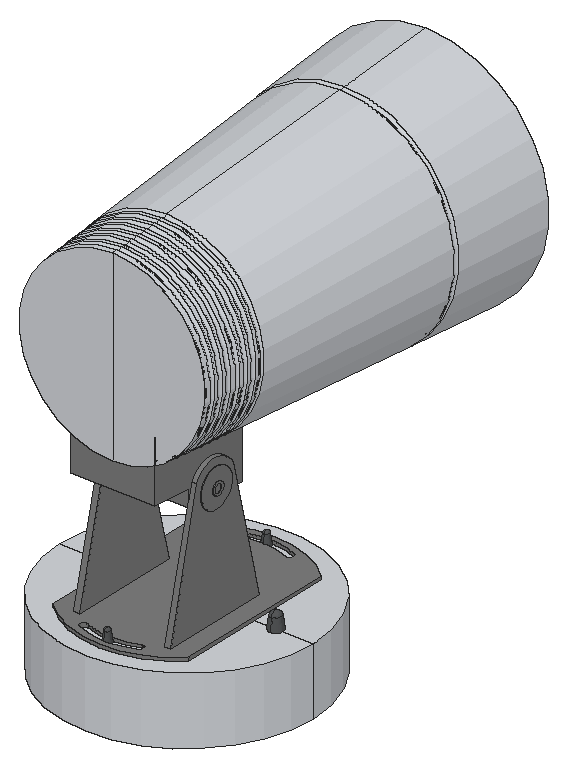
Revit family "REFLECTOR LANDSCAPE 02_RM40W.1.38", category Luminarias, Revit 2019
Family settings
  Cota de conector redondo = Diámetro de uso
  Tipo de pieza = Normal
  Se basa en plano de trabajo = Sí
  Siempre vertical = No
  Corte con vacíos al cargar = No
  Origen de luz = Sí
  Compartido = No
  Punto de cálculo de habitación = No
Parameters (values of type "RM40W.1.38")
  Ángulo de inclinación = 38.00°
  Zone [instance] = ""
  Watt per fixture = 44.8
  Wattage = 44.8 W
  built-in parameter 1150107 = 3000 (stored number, unit not read)
  built-in parameter 1150110 = 1 (stored number, unit not read)
  built-in parameter 1150109 = 1 (stored number, unit not read)
  built-in parameter 1150112 = 1 (stored number, unit not read)
  built-in parameter 1150113 = 1 (stored number, unit not read)
  built-in parameter 1114218 = 1 (stored number, unit not read)
  Keynote = ""
  built-in parameter 1150137 = (empty or 0)
  built-in parameter 1150132 = (empty or 0)
  Modelo = "RM40W.1.38"
  Lámpara = "NICHIA"
  built-in parameter 1150105 = 234.65 (stored number, unit not read)
  built-in parameter 1150102 = (empty or 0)
  built-in parameter 1150106 = 2.3465 (stored number, unit not read)
  Lumens = 2948.74 lm
  Color Filter = 16777215
  built-in parameter 1114217 = 1 (stored number, unit not read)
  built-in parameter 1150139 = (empty or 0)
  Fabricante = "BRILLANT"
  Default Elevation = 0 mm
  built-in parameter 1150104 = 6.1149 (stored number, unit not read)
  Descripción = "LUMINARIA TIPO REFLECTOR MONOCROMATICO DIRIGIBLE, CUERPO EN ALUMINIO FUNDIDO A PRESION CUBIERTO DE POLVO GRIS OSCURO Y VIDRIO TEMPLADO DE 3MM, CON UN PESO DE 5KG, CON 232MM DE LARGO POR 265MM DE ALTURA POR 110MM DE DIAMETRO, CUENTA CON 1 LED TIPO NICHIA CON UN CONSUMO DE 44.8W, 2949 LUMENES, IP 66, IRC 80, IK06, CABLE H05RN DE 0.5M, APERTURA DE 38 GRADOS POR PROYECTO, ALIMENTADA A 100-277V. ACCESORIOS OPCIONALES."
  built-in parameter 1150115 = 1 (stored number, unit not read)
  built-in parameter 1150114 = 1 (stored number, unit not read)
  Comentarios de vataje = "100-277V"
  built-in parameter 1150138 = (empty or 0)
  built-in parameter 1150134 = (empty or 0)
  Circuit [instance] = ""
  Dimming Lamp Color Temperature Shift = 1
  Archivo de red fotométrica = "RM40W.1_38º.ies"
  built-in parameter 1150133 = 10 (stored number, unit not read)
Reference planes
  plane 1 "Centro (Frontal/Posterior)": y = 0
  plane 2: z = 0
  plane 3 "Centro (Izquierda/Derecha)": x = 0
  plane 4: z = 265
Forms (mm)
  Revolve 1, solid, not visible
    sketch origin (-170.518, 44.498, 38.393) x (-1, 0, 0) y (0, 0, -1)
      loop
        line (92.846, -301.911) -> (92.846, -298.113) -> (82.028, -298.113)
        arc (82.028, -298.113) -> (87.129, -300.888) -> (92.846, -301.911) r 18.17
      axis (92.846, -298.113) -> (92.846, -301.911)
    angle from 0 to 360
  Extrusion 2, solid, material "Aluminio", not visible
    sketch origin (0, 0, 0) x (0, 1, 0) y (0, 0, 1)
      loop
        line (104, 336.506) -> (-104, 336.506) -> (-104, 228.571) -> (-94, 228.571)
        arc (-94, 228.571) -> (0, 201.039) -> (94, 228.571) r 174.234
        line (94, 228.571) -> (104, 228.571) -> (104, 336.506)
    from -339.373 to 342.161
  Extrusion 3, solid, material "Aluminio", not visible
    sketch origin (0, 0, 0) x (1, 0, 0) y (0, 1, 0)
      loop
        arc (-299.373, 104) -> (-315.725, 100.505) -> (-329.219, 90.632) r 40
        arc (-329.219, 90.632) -> (-323.254, 83.056) -> (-331.965, 87.19) r 4.952
        arc (-331.965, 87.19) -> (-337.476, 76.172) -> (-339.373, 64) r 40
        line (-339.373, 64) -> (-339.373, 1.506)
        arc (-339.373, 1.506) -> (-329.699, 0.016) -> (-339.373, -1.475) r 4.952
        line (-339.373, -1.475) -> (-339.373, -64)
        arc (-339.373, -64) -> (-337.476, -76.172) -> (-331.965, -87.19) r 40
        arc (-331.965, -87.19) -> (-323.254, -83.056) -> (-329.219, -90.632) r 4.952
        arc (-329.219, -90.632) -> (-315.725, -100.505) -> (-299.373, -104) r 40
        line (-299.373, -104) -> (-226.105, -104)
        arc (-226.105, -104) -> (-224.373, -94.409) -> (-222.642, -104) r 4.952
        line (-222.642, -104) -> (-77.408, -104)
        arc (-77.408, -104) -> (-75, -94.721) -> (-72.592, -104) r 4.952
        line (-72.592, -104) -> (-2.408, -104)
        arc (-2.408, -104) -> (0, -94.721) -> (2.408, -104) r 4.952
        line (2.408, -104) -> (72.592, -104)
        arc (72.592, -104) -> (75, -94.721) -> (77.408, -104) r 4.952
        line (77.408, -104) -> (177.592, -104)
        arc (177.592, -104) -> (180, -94.721) -> (182.408, -104) r 4.952
        line (182.408, -104) -> (302.161, -104)
        arc (302.161, -104) -> (318.513, -100.505) -> (332.007, -90.632) r 40
        arc (332.007, -90.632) -> (326.043, -83.056) -> (334.754, -87.19) r 4.952
        arc (334.754, -87.19) -> (340.265, -76.172) -> (342.161, -64) r 40
        line (342.161, -64) -> (342.161, -1.475)
        arc (342.161, -1.475) -> (332.487, 0.016) -> (342.161, 1.506) r 4.952
        line (342.161, 1.506) -> (342.161, 64)
        arc (342.161, 64) -> (340.265, 76.172) -> (334.754, 87.19) r 40
        arc (334.754, 87.19) -> (326.043, 83.056) -> (332.007, 90.632) r 4.952
        arc (332.007, 90.632) -> (318.513, 100.505) -> (302.161, 104) r 40
        line (302.161, 104) -> (182.408, 104)
        arc (182.408, 104) -> (180, 94.721) -> (177.592, 104) r 4.952
        line (177.592, 104) -> (77.408, 104)
        arc (77.408, 104) -> (75, 94.721) -> (72.592, 104) r 4.952
        line (72.592, 104) -> (2.408, 104)
        arc (2.408, 104) -> (0, 94.721) -> (-2.408, 104) r 4.952
        line (-2.408, 104) -> (-72.592, 104)
        arc (-72.592, 104) -> (-75, 94.721) -> (-77.408, 104) r 4.952
        line (-77.408, 104) -> (-221.965, 104)
        arc (-221.965, 104) -> (-224.373, 94.721) -> (-226.781, 104) r 4.952
        line (-226.781, 104) -> (-299.373, 104)
      loop
        arc (-299.373, 79) -> (-309.98, 74.607) -> (-314.373, 64) r 15
        line (-314.373, 64) -> (-314.373, -64)
        arc (-314.373, -64) -> (-309.98, -74.607) -> (-299.373, -79) r 15
        line (-299.373, -79) -> (302.161, -79)
        arc (302.161, -79) -> (312.768, -74.607) -> (317.161, -64) r 15
        line (317.161, -64) -> (317.161, 64)
        arc (317.161, 64) -> (312.768, 74.607) -> (302.161, 79) r 15
        line (302.161, 79) -> (-299.373, 79)
    from 336.506 to 345
  Extrusion 4, void, not visible
    sketch origin (0, 0, 0) x (1, 0, 0) y (0, 1, 0)
      loop
        arc (-339.373, 64) -> (-327.658, 92.284) -> (-299.373, 104) r 40
        line (-299.373, 104) -> (-339.373, 104) -> (-339.373, 64)
      loop
        line (-339.373, -64) -> (-339.373, -104) -> (-299.373, -104)
        arc (-299.373, -104) -> (-327.658, -92.284) -> (-339.373, -64) r 40
      loop
        line (342.161, 64) -> (342.161, 104) -> (302.161, 104)
        arc (302.161, 104) -> (330.446, 92.284) -> (342.161, 64) r 40
      loop
        arc (342.161, -64) -> (330.446, -92.284) -> (302.161, -104) r 40
        line (302.161, -104) -> (342.161, -104) -> (342.161, -64)
    from 176.462 to 336.506
  Extrusion 5, void, not visible
    sketch origin (0, 0, 0) x (1, 0, 0) y (0, 0, 1)
      loop
        line (-339.373, 184.64) -> (-274.373, 184.64) -> (-274.373, 259.64) -> (-339.373, 259.64) -> (-339.373, 184.64)
    from -104 to 104
  Extrusion 6, solid, material "Cristal", not visible
    sketch origin (0, 0, 0) x (1, 0, 0) y (0, 1, 0)
      loop
        arc (-299.373, 79) -> (-309.98, 74.607) -> (-314.373, 64) r 15
        line (-314.373, 64) -> (-314.373, -64)
        arc (-314.373, -64) -> (-309.98, -74.607) -> (-299.373, -79) r 15
        line (-299.373, -79) -> (302.161, -79)
        arc (302.161, -79) -> (312.768, -74.607) -> (317.161, -64) r 15
        line (317.161, -64) -> (317.161, 64)
        arc (317.161, 64) -> (312.768, 74.607) -> (302.161, 79) r 15
        line (302.161, 79) -> (-299.373, 79)
    from 342.509 to 345
  Revolve 7, solid, not visible
    sketch origin (356.21, 44.498, 38.393) x (-1, 0, 0) y (0, 0, -1)
      loop
        line (92.846, -301.911) -> (92.846, -298.113) -> (82.028, -298.113)
        arc (82.028, -298.113) -> (87.129, -300.888) -> (92.846, -301.911) r 18.17
      axis (92.846, -298.113) -> (92.846, -301.911)
    angle from 0 to 360
  Revolve 8, solid, not visible
    sketch origin (-104.677, 44.498, 38.393) x (-1, 0, 0) y (0, 0, -1)
      loop
        line (92.846, -301.911) -> (92.846, -298.113) -> (82.028, -298.113)
        arc (82.028, -298.113) -> (87.129, -300.888) -> (92.846, -301.911) r 18.17
      axis (92.846, -298.113) -> (92.846, -301.911)
    angle from 0 to 360
  Revolve 9, solid, not visible
    sketch origin (-38.836, 44.498, 38.393) x (-1, 0, 0) y (0, 0, -1)
      loop
        line (92.846, -301.911) -> (92.846, -298.113) -> (82.028, -298.113)
        arc (82.028, -298.113) -> (87.129, -300.888) -> (92.846, -301.911) r 18.17
      axis (92.846, -298.113) -> (92.846, -301.911)
    angle from 0 to 360
  Revolve 10, solid, not visible
    sketch origin (27.005, 44.498, 38.393) x (-1, 0, 0) y (0, 0, -1)
      loop
        line (92.846, -301.911) -> (92.846, -298.113) -> (82.028, -298.113)
        arc (82.028, -298.113) -> (87.129, -300.888) -> (92.846, -301.911) r 18.17
      axis (92.846, -298.113) -> (92.846, -301.911)
    angle from 0 to 360
  Revolve 11, solid, not visible
    sketch origin (92.846, 44.498, 38.393) x (-1, 0, 0) y (0, 0, -1)
      loop
        line (92.846, -301.911) -> (92.846, -298.113) -> (82.028, -298.113)
        arc (82.028, -298.113) -> (87.129, -300.888) -> (92.846, -301.911) r 18.17
      axis (92.846, -298.113) -> (92.846, -301.911)
    angle from 0 to 360
  Revolve 12, solid, not visible
    sketch origin (158.687, 44.498, 38.393) x (-1, 0, 0) y (0, 0, -1)
      loop
        line (92.846, -301.911) -> (92.846, -298.113) -> (82.028, -298.113)
        arc (82.028, -298.113) -> (87.129, -300.888) -> (92.846, -301.911) r 18.17
      axis (92.846, -298.113) -> (92.846, -301.911)
    angle from 0 to 360
  Revolve 13, solid, not visible
    sketch origin (224.528, 44.498, 38.393) x (-1, 0, 0) y (0, 0, -1)
      loop
        line (92.846, -301.911) -> (92.846, -298.113) -> (82.028, -298.113)
        arc (82.028, -298.113) -> (87.129, -300.888) -> (92.846, -301.911) r 18.17
      axis (92.846, -298.113) -> (92.846, -301.911)
    angle from 0 to 360
  Revolve 14, solid, not visible
    sketch origin (290.369, 44.498, 38.393) x (-1, 0, 0) y (0, 0, -1)
      loop
        line (92.846, -301.911) -> (92.846, -298.113) -> (82.028, -298.113)
        arc (82.028, -298.113) -> (87.129, -300.888) -> (92.846, -301.911) r 18.17
      axis (92.846, -298.113) -> (92.846, -301.911)
    angle from 0 to 360
  Revolve 15, solid, not visible
    sketch origin (-137.598, 0, 38.393) x (-1, 0, 0) y (0, 0, -1)
      loop
        line (92.846, -301.911) -> (92.846, -298.113) -> (82.028, -298.113)
        arc (82.028, -298.113) -> (87.129, -300.888) -> (92.846, -301.911) r 18.17
      axis (92.846, -298.113) -> (92.846, -301.911)
    angle from 0 to 360
  Revolve 16, solid, not visible
    sketch origin (389.13, 0, 38.393) x (-1, 0, 0) y (0, 0, -1)
      loop
        line (92.846, -301.911) -> (92.846, -298.113) -> (82.028, -298.113)
        arc (82.028, -298.113) -> (87.129, -300.888) -> (92.846, -301.911) r 18.17
      axis (92.846, -298.113) -> (92.846, -301.911)
    angle from 0 to 360
  Revolve 17, solid, not visible
    sketch origin (-71.757, 0, 38.393) x (-1, 0, 0) y (0, 0, -1)
      loop
        line (92.846, -301.911) -> (92.846, -298.113) -> (82.028, -298.113)
        arc (82.028, -298.113) -> (87.129, -300.888) -> (92.846, -301.911) r 18.17
      axis (92.846, -298.113) -> (92.846, -301.911)
    angle from 0 to 360
  Revolve 18, solid, not visible
    sketch origin (-5.916, 0, 38.393) x (-1, 0, 0) y (0, 0, -1)
      loop
        line (92.846, -301.911) -> (92.846, -298.113) -> (82.028, -298.113)
        arc (82.028, -298.113) -> (87.129, -300.888) -> (92.846, -301.911) r 18.17
      axis (92.846, -298.113) -> (92.846, -301.911)
    angle from 0 to 360
  Revolve 19, solid, not visible
    sketch origin (59.925, 0, 38.393) x (-1, 0, 0) y (0, 0, -1)
      loop
        line (92.846, -301.911) -> (92.846, -298.113) -> (82.028, -298.113)
        arc (82.028, -298.113) -> (87.129, -300.888) -> (92.846, -301.911) r 18.17
      axis (92.846, -298.113) -> (92.846, -301.911)
    angle from 0 to 360
  Revolve 20, solid, not visible
    sketch origin (125.766, 0, 38.393) x (-1, 0, 0) y (0, 0, -1)
      loop
        line (92.846, -301.911) -> (92.846, -298.113) -> (82.028, -298.113)
        arc (82.028, -298.113) -> (87.129, -300.888) -> (92.846, -301.911) r 18.17
      axis (92.846, -298.113) -> (92.846, -301.911)
    angle from 0 to 360
  Revolve 21, solid, not visible
    sketch origin (191.607, 0, 38.393) x (-1, 0, 0) y (0, 0, -1)
      loop
        line (92.846, -301.911) -> (92.846, -298.113) -> (82.028, -298.113)
        arc (82.028, -298.113) -> (87.129, -300.888) -> (92.846, -301.911) r 18.17
      axis (92.846, -298.113) -> (92.846, -301.911)
    angle from 0 to 360
  Revolve 22, solid, not visible
    sketch origin (257.448, 0, 38.393) x (-1, 0, 0) y (0, 0, -1)
      loop
        line (92.846, -301.911) -> (92.846, -298.113) -> (82.028, -298.113)
        arc (82.028, -298.113) -> (87.129, -300.888) -> (92.846, -301.911) r 18.17
      axis (92.846, -298.113) -> (92.846, -301.911)
    angle from 0 to 360
  Revolve 23, solid, not visible
    sketch origin (323.289, 0, 38.393) x (-1, 0, 0) y (0, 0, -1)
      loop
        line (92.846, -301.911) -> (92.846, -298.113) -> (82.028, -298.113)
        arc (82.028, -298.113) -> (87.129, -300.888) -> (92.846, -301.911) r 18.17
      axis (92.846, -298.113) -> (92.846, -301.911)
    angle from 0 to 360
  Revolve 24, solid, not visible
    sketch origin (-170.518, -44.498, 38.393) x (-1, 0, 0) y (0, 0, 1)
      loop
        arc (92.846, 301.911) -> (87.129, 300.888) -> (82.028, 298.113) r 18.17
        line (82.028, 298.113) -> (92.846, 298.113) -> (92.846, 301.911)
      axis (92.846, 298.113) -> (92.846, 301.911)
    angle from 0 to 360
  Revolve 25, solid, not visible
    sketch origin (356.21, -44.498, 38.393) x (-1, 0, 0) y (0, 0, 1)
      loop
        arc (92.846, 301.911) -> (87.129, 300.888) -> (82.028, 298.113) r 18.17
        line (82.028, 298.113) -> (92.846, 298.113) -> (92.846, 301.911)
      axis (92.846, 298.113) -> (92.846, 301.911)
    angle from 0 to 360
  Revolve 26, solid, not visible
    sketch origin (-104.677, -44.498, 38.393) x (-1, 0, 0) y (0, 0, 1)
      loop
        arc (92.846, 301.911) -> (87.129, 300.888) -> (82.028, 298.113) r 18.17
        line (82.028, 298.113) -> (92.846, 298.113) -> (92.846, 301.911)
      axis (92.846, 298.113) -> (92.846, 301.911)
    angle from 0 to 360
  Revolve 27, solid, not visible
    sketch origin (-38.836, -44.498, 38.393) x (-1, 0, 0) y (0, 0, 1)
      loop
        arc (92.846, 301.911) -> (87.129, 300.888) -> (82.028, 298.113) r 18.17
        line (82.028, 298.113) -> (92.846, 298.113) -> (92.846, 301.911)
      axis (92.846, 298.113) -> (92.846, 301.911)
    angle from 0 to 360
  Revolve 28, solid, not visible
    sketch origin (27.005, -44.498, 38.393) x (-1, 0, 0) y (0, 0, 1)
      loop
        arc (92.846, 301.911) -> (87.129, 300.888) -> (82.028, 298.113) r 18.17
        line (82.028, 298.113) -> (92.846, 298.113) -> (92.846, 301.911)
      axis (92.846, 298.113) -> (92.846, 301.911)
    angle from 0 to 360
  Revolve 29, solid, not visible
    sketch origin (92.846, -44.498, 38.393) x (-1, 0, 0) y (0, 0, 1)
      loop
        arc (92.846, 301.911) -> (87.129, 300.888) -> (82.028, 298.113) r 18.17
        line (82.028, 298.113) -> (92.846, 298.113) -> (92.846, 301.911)
      axis (92.846, 298.113) -> (92.846, 301.911)
    angle from 0 to 360
  Revolve 30, solid, not visible
    sketch origin (158.687, -44.498, 38.393) x (-1, 0, 0) y (0, 0, 1)
      loop
        arc (92.846, 301.911) -> (87.129, 300.888) -> (82.028, 298.113) r 18.17
        line (82.028, 298.113) -> (92.846, 298.113) -> (92.846, 301.911)
      axis (92.846, 298.113) -> (92.846, 301.911)
    angle from 0 to 360
  Revolve 31, solid, not visible
    sketch origin (224.528, -44.498, 38.393) x (-1, 0, 0) y (0, 0, 1)
      loop
        arc (92.846, 301.911) -> (87.129, 300.888) -> (82.028, 298.113) r 18.17
        line (82.028, 298.113) -> (92.846, 298.113) -> (92.846, 301.911)
      axis (92.846, 298.113) -> (92.846, 301.911)
    angle from 0 to 360
  Revolve 32, solid, not visible
    sketch origin (290.369, -44.498, 38.393) x (-1, 0, 0) y (0, 0, 1)
      loop
        arc (92.846, 301.911) -> (87.129, 300.888) -> (82.028, 298.113) r 18.17
        line (82.028, 298.113) -> (92.846, 298.113) -> (92.846, 301.911)
      axis (92.846, 298.113) -> (92.846, 301.911)
    angle from 0 to 360
  Revolve 33, solid
    sketch origin (0, 0, 0) x (1, 0, 0) y (0, 0, 1)
      loop
        line (-75, 2.5) -> (-70, 2.5) -> (-70, 37.859) -> (0, 37.859) -> (0, 42.5) -> (-75, 42.5) -> (-75, 2.5)
      axis (0, 42.5) -> (0, 2.5)
    angle from 0 to 360
  Revolve 34, solid
    sketch origin (0, 0, 22.187) x (0, 1, 0) y (0, 0, 1)
      loop
        line (176.563, 100.409) -> (113.633, 105.249) -> (113.633, 126.271) -> (109.979, 126.271) -> (106.954, 127.081) -> (89.276, 144.759) -> (89.276, 155)
        arc (89.276, 155) -> (95.402, 161.471) -> (97.981, 170) r 19.358
        line (97.981, 170) -> (-55, 170) -> (-55, 115) -> (-51.764, 114.751)
        arc (-51.764, 114.751) -> (-50.024, 115.659) -> (-48.443, 114.496) r 1.854
        line (-48.443, 114.496) -> (-46.174, 114.321)
        arc (-46.174, 114.321) -> (-44.435, 115.229) -> (-42.854, 114.066) r 1.854
        line (-42.854, 114.066) -> (-40.585, 113.891)
        arc (-40.585, 113.891) -> (-38.845, 114.799) -> (-37.265, 113.636) r 1.854
        line (-37.265, 113.636) -> (-34.996, 113.461)
        arc (-34.996, 113.461) -> (-33.256, 114.369) -> (-31.675, 113.206) r 1.854
        line (-31.675, 113.206) -> (-29.406, 113.031)
        arc (-29.406, 113.031) -> (-27.666, 113.939) -> (-26.086, 112.776) r 1.854
        line (-26.086, 112.776) -> (-23.817, 112.601)
        arc (-23.817, 112.601) -> (-22.077, 113.509) -> (-20.497, 112.346) r 1.854
        line (-20.497, 112.346) -> (-18.227, 112.171)
        arc (-18.227, 112.171) -> (-16.488, 113.079) -> (-14.907, 111.916) r 1.854
        line (-14.907, 111.916) -> (113.344, 102.05)
        arc (113.344, 102.05) -> (115.084, 102.958) -> (116.664, 101.795) r 1.854
        line (116.664, 101.795) -> (176.563, 97.187) -> (176.563, 100.409)
      axis (176.563, 170) -> (-55, 170)
    angle from 0 to 360
  Extrusion 35, solid, material "Aluminio"
    sketch origin (0, 0, -43.735) x (0, 1, 0) y (0, 0, 1)
      loop
        line (-54.831, 201.76) -> (-54.831, 165.8) -> (-29.908, 163.841) -> (-29.908, 153.692) -> (9.173, 150.62) -> (9.173, 196.728) -> (-54.831, 201.76)
    from -25.149 to 25.149
  Extrusion 36, solid, material "Aluminio"
    sketch origin (0, 0, 11.265) x (0, 1, 0) y (0, 0, 1)
      loop
        line (17.692, 33) -> (-1.709, 111.816)
        arc (-1.709, 111.816) -> (-14.9, 119.829) -> (-28.149, 111.911) r 14.954
        line (-28.149, 111.911) -> (-47.873, 33) -> (17.692, 33)
    from -28.531 to -25.149
  Extrusion 37, solid, material "Aluminio"
    sketch origin (0, 0, 58.14) x (0, 1, 0) y (0, 0, 1)
      loop
        circle (-14.907, 57.468) r 11.292
    from -29.584 to -28.531
  Extrusion 38, solid, material "Aluminio"
    sketch origin (0, 0, 58.14) x (0, 1, 0) y (0, 0, 1)
      loop
        circle (-14.907, 57.468) r 3.559
      loop
        line (-14.907, 60.379) -> (-17.428, 58.924) -> (-17.428, 56.013) -> (-14.907, 54.557) -> (-12.386, 56.013) -> (-12.386, 58.924) -> (-14.907, 60.379)
    from -30.722 to -29.584
  Extrusion 39, solid, material "Aluminio"
    sketch origin (0, 0, 0) x (1, 0, 0) y (0, 1, 0)
      loop
        line (40.326, -48.62) -> (40.326, 48.62)
        arc (40.326, 48.62) -> (0, 65) -> (-40.326, 48.62) r 57.829
        line (-40.326, 48.62) -> (-40.326, -48.62)
        arc (-40.326, -48.62) -> (0, -65) -> (40.326, -48.62) r 57.829
      loop
        arc (-17.728, -57.473) -> (0, -61.514) -> (17.728, -57.473) r 40.914
        arc (17.728, -57.473) -> (18.519, -54.562) -> (15.751, -53.36) r 2.306
        arc (15.751, -53.36) -> (0.2, -56.513) -> (-15.382, -53.512) r 40.914
        arc (-15.382, -53.512) -> (-18.424, -54.386) -> (-17.728, -57.473) r 2.306
      loop
        arc (-17.728, 57.473) -> (-18.424, 54.386) -> (-15.382, 53.512) r 2.306
        arc (-15.382, 53.512) -> (0.2, 56.513) -> (15.751, 53.36) r 40.914
        arc (15.751, 53.36) -> (18.519, 54.562) -> (17.728, 57.473) r 2.306
        arc (17.728, 57.473) -> (0, 61.514) -> (-17.728, 57.473) r 40.914
    from 42.5 to 44.265
  Revolve 40, solid, material "Plastico"
    sketch origin (0, -24.58, 9.5) x (0, -1, 0) y (0, 0, 1)
      loop
        line (36.899, 33) -> (36.085, 39.627)
        arc (36.085, 39.627) -> (35.469, 40.576) -> (34.399, 40.945) r 1.738
        line (34.399, 40.945) -> (34.399, 33) -> (36.899, 33)
      axis (34.399, 33) -> (34.399, 40.945)
    angle from 0 to 360
  Revolve 41, solid, material "Plastico"
    sketch origin (-52.824, 34.227, 9.5) x (0, -1, 0) y (0, 0, 1)
      loop
        line (38.461, 33) -> (37.551, 40.413)
        arc (37.551, 40.413) -> (36.399, 42.187) -> (34.399, 42.876) r 3.249
        line (34.399, 42.876) -> (34.399, 33) -> (38.461, 33)
      axis (34.399, 33) -> (34.399, 42.876)
    angle from 0 to 360
  Extrusion 42, solid, material "Cristal"
    sketch origin (0, 0, 56.166) x (1, 0, 0) y (0, 0, 1)
      loop
        circle (0.221, 135.65) r 43.729
    from -111.85 to -113.633
  Revolve 43, solid, material "Plastico"
    sketch origin (0, 24.615, 9.5) x (0, 1, 0) y (0, 0, 1)
      loop
        line (36.899, 33) -> (36.085, 39.627)
        arc (36.085, 39.627) -> (35.469, 40.576) -> (34.399, 40.945) r 1.738
        line (34.399, 40.945) -> (34.399, 33) -> (36.899, 33)
      axis (34.399, 33) -> (34.399, 40.945)
    angle from 0 to 360
  Revolve 44, solid, material "Plastico"
    sketch origin (52.824, 34.227, 9.5) x (0, -1, 0) y (0, 0, 1)
      loop
        line (38.461, 33) -> (37.551, 40.413)
        arc (37.551, 40.413) -> (36.399, 42.187) -> (34.399, 42.876) r 3.249
        line (34.399, 42.876) -> (34.399, 33) -> (38.461, 33)
      axis (34.399, 33) -> (34.399, 42.876)
    angle from 0 to 360
  Extrusion 45, solid, material "Aluminio"
    sketch origin (0, 0, 11.265) x (0, 1, 0) y (0, 0, -1)
      loop
        line (17.692, -33) -> (-47.873, -33) -> (-28.149, -111.911)
        arc (-28.149, -111.911) -> (-14.9, -119.829) -> (-1.709, -111.816) r 14.954
        line (-1.709, -111.816) -> (17.692, -33)
    from -28.531 to -25.149
  Extrusion 46, solid, material "Aluminio"
    sketch origin (0, 0, 58.14) x (0, 1, 0) y (0, 0, -1)
      loop
        circle (-14.907, -57.468) r 11.292
    from -29.584 to -28.531
  Extrusion 47, solid, material "Aluminio"
    sketch origin (0, 0, 58.14) x (0, 1, 0) y (0, 0, -1)
      loop
        circle (-14.907, -57.468) r 3.559
      loop
        line (-14.907, -60.379) -> (-12.386, -58.924) -> (-12.386, -56.013) -> (-14.907, -54.557) -> (-17.428, -56.013) -> (-17.428, -58.924) -> (-14.907, -60.379)
    from -30.722 to -29.584
Cuts and joins
  joined: Extrusion 36, Extrusion 39
Dimensions and locks
  plane 4 to level = 265 mm  (x2)
  plane 3 "Centro (Izquierda/Derecha)" to Revolve 33 sketch curve = 75 mm
  Revolve 34 sketch curve to Revolve 34 sketch curve = 55 mm
  plane 4 to Revolve 34 sketch curve = 145.625 mm
  Revolve 34 sketch curve to Revolve 34 sketch curve = 231.563 mm
  Revolve 33 to Revolve 33 = 40 mm
  aligned and locked: level to plane 2
Connectors
  electrical at (0, 0, 2.5)
    settings: on Revolve 33, index 1, voltage 277 V, apparent load 0 VA, apparent load phase1 0 VA, apparent load phase2 0 VA, apparent load phase3 0 VA, power factor 1, load classification "Otro", number of poles 1, system type 31, power factor state 1, is connector primary yes, connector utility no, sub classification motor no, connector description ""
